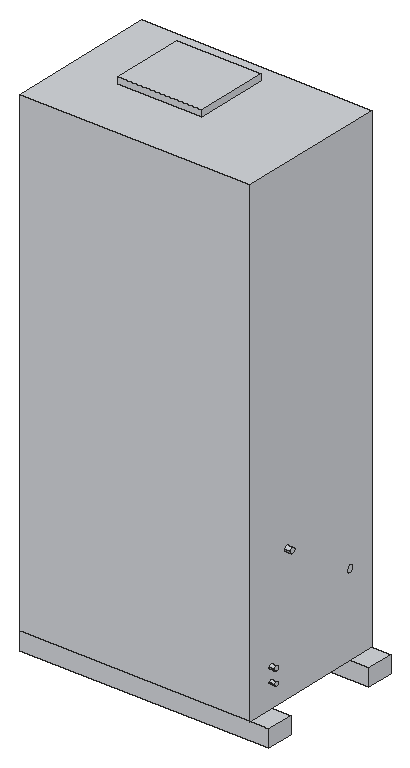
Revit family "855a92e616df47f78ee50d532f1a94e8", category Mechanical Equipment, Revit 2021
Family settings
  Round Connector Dimension = Use Radius
  Part Type = Normal
  OmniClass Number = 23.75.10.24.21.27.11
  OmniClass Title = Packaged Air Conditioners
  Seek Item ID = Air Conditioner - Vertical Packaged - Air Cooled - 3-5 Tons-0000-USA-ENU
  Work Plane-Based = No
  Always vertical = Yes
  Cut with Voids When Loaded = No
  Shared = No
  Room Calculation Point = No
Parameters (values of type "5 Tons")
  Voltage = 460 V
  Outlet Radius = 5/16"
  Outlet Diameter = Outlet Radius * 2  # 5/8"
  Number of Poles = 3
  Material = none
  Load Classification = Cooling
  Inlet Radius = 1/4"
  Inlet Diameter = Inlet Radius * 2  # 1/2"
  Height 1 = 1' - 8 251/256"
  Duct Width = 13 77/256"
  Duct Height = 11 39/64"
  Drain Radius = 3/8"
  Drain Flow [instance] = 0 GPM
  Default Elevation = 0' - 0"
  Conditioner Width = 2' - 0 3/256"
  Conditioner Length = 3' - 0 105/256"
  Conditioner Height = 6' - 3 251/256"
  C5 Offset 2 = 0' - 7 13/128"
  C5 Offset 1 = 2' - 0 51/256"
  C3 Offset 1 = 0' - 7 187/256"
  C4 Offset 2 = 1' - 1 5/256"
  C4 Offset 1 = 0' - 4 45/128"
  C2 Offset 2 = 0' - 2 41/256"
  C1 Offset 2 = 0' - 3 241/256"
  C1 Offset 1 = 0' - 3 241/256"
  Apparent Load = 6000 VA
  Air Flow [instance] = 2000 CFM
Types (3): name | Height 1 | Duct Width | Duct Height | Conditioner Width | Conditioner Length | Conditioner Height | C5 Offset 2 | C5 Offset 1 | C3 Offset 1 | C4 Offset 2 | Air Flow
  (no name) | 1' - 8 251/256" | 13 77/256" | 11 39/64" | 2' - 0 3/256" | 3' - 0 105/256" | 6' - 3 251/256" | 0' - 7 13/128" | 2' - 0 51/256" | 0' - 7 187/256" | 1' - 1 5/256" | 2000 CFM
  3 Tons | 1' - 3 77/128" | 11 119/128" | 10 161/256" | 1' - 10 61/256" | 2' - 7 57/64" | 5' - 4 11/64" | 0' - 6 9/32" | 1' - 8 51/256" | 0' - 5 83/128" | 0' - 10 69/256" | 1200 CFM
  5 Tons | 1' - 8 251/256" | 13 77/256" | 11 39/64" | 2' - 0 3/256" | 3' - 0 105/256" | 6' - 3 251/256" | 0' - 7 13/128" | 2' - 0 51/256" | 0' - 7 187/256" | 1' - 1 5/256" | 2000 CFM
Reference planes (in)
  plane 1 "Center (Front/Back)": y = 0
  plane 2: z = 0
  plane 3 "Center (Left/Right)": x = 0
  plane 4: y = 24.01172
  plane 5: x = 36.41016
  plane 6: z = 78.74047
  plane 7: z = 2.76
  plane 8: z = 40.75023
  plane 9: z = 51.24047
  plane 10: x = 2
  plane 11: x = 34.41016
  plane 12: y = 19.71172
  plane 13: y = 4.3
  plane 14: x = 39.41016
  plane 15: y = 3.94141
  plane 16: z = 8.86156
  plane 17: z = 6.70141
  plane 18: y = 19.66016
  plane 19: z = 15.77953
  plane 20: x = 37.41016
  plane 21: x = 35.41016
  plane 22: x = -1
  plane 23: x = 7.73047
  plane 24: y = 21.34172
  plane 25: y = 9.73234
  plane 26: x = 21.03125
  plane 27: z = 24.19922
  plane 28: y = 7.10156
Forms (in)
  Extrusion 1, solid, material <- "Material"
    sketch origin (0, 0, 0) x (1, 0, 0) y (0, 1, 0)
      loop
        line (0, 24.01172) -> (0, 0) -> (36.41016, 0) -> (36.41016, 24.01172) -> (0, 24.01172)
    from 2.76 to 78.74047
  Extrusion 2, solid, material <- "Material"
    sketch origin (0, 0, 0) x (1, 0, 0) y (0, 1, 0)
      loop
        line (0, 24.01172) -> (0, 19.71172) -> (39.41016, 19.71172) -> (39.41016, 24.01172) -> (0, 24.01172)
    from 0 to 2.76
  Extrusion 3, solid, material <- "Material"
    sketch origin (0, 0, 0) x (1, 0, 0) y (0, 1, 0)
      loop
        line (0, 4.3) -> (0, 0) -> (39.41016, 0) -> (39.41016, 4.3) -> (0, 4.3)
    from 0 to 2.76
  Extrusion 4, solid, material <- "Material"
    sketch origin (0, 0, 0) x (0, 1, 0) y (0, 0, 1)
      loop
        circle (3.94141, 8.86156) r 0.3125
    from 36.41016 to 37.41016
  Extrusion 5, solid, material <- "Material"
    sketch origin (0, 0, 0) x (0, 1, 0) y (0, 0, 1)
      loop
        circle (3.94141, 6.70141) r 0.25
    from 36.41016 to 37.41016
  Extrusion 6, solid, material <- "Material"
    sketch origin (0, 0, 0) x (0, 1, 0) y (0, 0, 1)
      loop
        circle (19.66016, 15.77953) r 0.5
    from 35.41016 to 36.41016
  Extrusion 7, solid
    sketch origin (0, 0, 0) x (1, 0, 0) y (0, 1, 0)
      loop
        line (7.73047, 21.34172) -> (7.73047, 9.73234) -> (21.03125, 9.73234) -> (21.03125, 21.34172) -> (7.73047, 21.34172)
    from 78.74047 to 79.74047
  Extrusion 8, solid
    sketch origin (0, 0, 0) x (0, 1, 0) y (0, 0, 1)
      loop
        circle (7.10156, 24.19922) r 0.375
    from 36.41016 to 37.41016
Lines and regions (in)
  model lines, detail levels fine
    curve 1: line (2, 0, 51.24047) -> (34.41016, 0, 51.24047)
    curve 2: line (2, 0, 30.26) -> (2, 0, 51.24047)
    curve 3: line (34.41016, 0, 30.26) -> (2, 0, 30.26)
    curve 4: line (34.41016, 0, 51.24047) -> (34.41016, 0, 30.26)
    curve 5: line (2, 0, 40.75023) -> (34.41016, 0, 40.75023)
    curve 6: line (2, 0, 47.74372) -> (34.41016, 0, 47.74372)
    curve 7: line (2, 0, 37.25349) -> (34.41016, 0, 37.25349)
    curve 8: line (2, 0, 33.75674) -> (34.41016, 0, 33.75674)
    curve 9: line (2, 0, 44.24698) -> (34.41016, 0, 44.24698)
Dimensions and locks (in)
  "Conditioner Length": plane 3 "Center (Left/Right)" to plane 5
  "Conditioner Width": plane 4 to plane 1 "Center (Front/Back)"
  locked: plane 7 to plane 2 at 2.76
  "Conditioner Height": plane 6 to plane 7
  equal spacing: plane 6, plane 8, plane 7
  plane 9 to plane 8 = 0' - 10.49023"
  locked: plane 10 to plane 3 "Center (Left/Right)" at 2
  locked: plane 5 to plane 11 at 2
  locked: plane 4 to plane 12 at 4.3
  locked: plane 13 to plane 1 "Center (Front/Back)" at 4.3
  locked: plane 5 to plane 14 at 3
  "C1 Offset 1": plane 1 "Center (Front/Back)" to plane 15
  "C1 Offset 2": plane 17 to plane 7
  "C2 Offset 2": plane 16 to plane 17
  "C4 Offset 1": plane 18 to plane 4
  "C4 Offset 2": plane 19 to plane 7
  locked: plane 20 to plane 5 at 1
  locked: plane 5 to plane 21 at 1
  locked: plane 3 "Center (Left/Right)" to plane 22 at 1
  equal spacing: curve 1, curve 6, curve 9, curve 5, curve 7, curve 8, curve 3
  "C3 Offset 1": plane 3 "Center (Left/Right)" to plane 23
  locked: plane 4 to plane 24 at 2.67
  "Duct Width": plane 23 to plane 26
  "Duct Height": plane 24 to plane 25
  locked: Extrusion 7 to Extrusion 7 at 1
  "C5 Offset 2": plane 28 to plane 1 "Center (Front/Back)"
  "C5 Offset 1": plane 27 to plane 2
  "Outlet Radius": radius of Extrusion 4 sketch curve
  "Inlet Radius": radius of Extrusion 5 sketch curve
  radius of Extrusion 6 sketch curve = 0' - 0 1/2"
  "Drain Radius": radius of Extrusion 8 sketch curve
  aligned and locked: Extrusion 1 to plane 3 "Center (Left/Right)"
  aligned and locked: plane 4 to Extrusion 1
  aligned and locked: plane 5 to Extrusion 1
  aligned and locked: plane 1 "Center (Front/Back)" to Extrusion 1
  aligned and locked: plane 6 to Extrusion 1
  aligned and locked: Extrusion 1 to plane 7
  aligned and locked: plane 10 to curve 1
  aligned and locked: curve 1 to plane 9
  aligned and locked: curve 4 to plane 11
  aligned and locked: Extrusion 2 to plane 12
  aligned and locked: plane 13 to Extrusion 3
  aligned and locked: plane 4 to Extrusion 2
  aligned and locked: plane 1 "Center (Front/Back)" to Extrusion 3
  aligned and locked: plane 14 to Extrusion 2
  aligned and locked: Extrusion 3 to plane 14
  aligned and locked: Extrusion 2 to plane 3 "Center (Left/Right)"
  aligned and locked: Extrusion 3 to plane 3 "Center (Left/Right)"
  aligned and locked: Extrusion 3 to plane 2
  aligned and locked: Extrusion 2 to plane 2
  aligned and locked: plane 7 to Extrusion 3
  aligned and locked: plane 7 to Extrusion 2
  aligned and locked: plane 16 to Extrusion 4 sketch curve
  aligned and locked: plane 15 to Extrusion 4 sketch curve
  aligned and locked: plane 15 to Extrusion 5 sketch curve
  aligned and locked: plane 17 to Extrusion 5 sketch curve
  aligned and locked: plane 18 to Extrusion 6 sketch curve
  aligned and locked: plane 19 to Extrusion 6 sketch curve
  aligned and locked: plane 20 to Extrusion 4
  aligned and locked: plane 20 to Extrusion 5
  aligned and locked: Extrusion 4 to plane 5
  aligned and locked: Extrusion 5 to plane 5
  aligned and locked: plane 21 to Extrusion 6
  aligned and locked: plane 5 to Extrusion 6
  aligned and locked: plane 10 to curve 6
  aligned and locked: plane 11 to curve 6
  aligned and locked: plane 23 to Extrusion 7 sketch curve
  aligned and locked: Extrusion 7 sketch curve to plane 24
  aligned and locked: plane 25 to Extrusion 7 sketch curve
  aligned and locked: Extrusion 7 sketch curve to plane 26
  aligned and locked: Extrusion 7 to Extrusion 1
  aligned and locked: plane 28 to Extrusion 8 sketch curve
  aligned and locked: plane 27 to Extrusion 8 sketch curve
  aligned and locked: Extrusion 8 to Extrusion 4
  aligned and locked: Extrusion 8 to Extrusion 1
Automatic sketch dimensions
  Extrusion 1 sketch curve to plane 1 "Center (Front/Back)" = 0' - 0"
  Extrusion 1 sketch curve to plane 3 "Center (Left/Right)" = 0' - 0"
  Extrusion 1 sketch curve to plane 5 = 0' - 0"
  Extrusion 1 sketch curve to plane 4 = 0' - 0"
  Extrusion 2 sketch curve to plane 3 "Center (Left/Right)" = 0' - 0"
  plane 5 to Extrusion 2 sketch curve = 0' - 3"
  Extrusion 2 sketch curve to plane 4 = 0' - 4.3"
  Extrusion 2 sketch curve to plane 4 = 0' - 0"
  Extrusion 3 sketch curve to plane 3 "Center (Left/Right)" = 0' - 0"
  Extrusion 3 sketch curve to plane 1 "Center (Front/Back)" = 0' - 0"
  plane 5 to Extrusion 3 sketch curve = 0' - 3"
  Extrusion 3 sketch curve to Extrusion 3 sketch curve = 0' - 4.3"
  curve 5 to plane 8 = 0' - 0"
Connectors (in)
  piping at (37.41016, 3.94141, 6.70141), diameter 0.5, driven by "Inlet Radius"
    settings: on Extrusion 5, index 1, connector inside diameter 1/2", connector length 0' - 0", flow factor 0, pipe flow 0 GPM, pressure drop 0.00 psi, fitting loss kfactor 0, connector angle 0.00°, fixture units 0, engagement length 0' - 0", angle of deflection 0.00°, flow configuration 1, flow direction 1, fitting loss method 0, system type 22, joint type 0, gender type 0, connector reference index -1, connector utility 0, adjustable connector no, is connector primary yes, connector description "Cryogen In"
  piping at (37.41016, 3.94141, 8.86156), diameter 0.625, driven by "Outlet Radius"
    settings: on Extrusion 4, index 2, connector inside diameter 5/8", connector length 0' - 0", flow factor 0, pipe flow 0 GPM, pressure drop 0.39 psi, fitting loss kfactor 0, connector angle 0.00°, fixture units 0, engagement length 0' - 0", angle of deflection 0.00°, flow configuration 1, flow direction 2, fitting loss method 0, system type 22, joint type 0, gender type 0, connector reference index -1, connector utility 0, adjustable connector no, is connector primary no, connector description "Cryogen Out"
  electrical at (36.41016, 19.66016, 15.77953), driven by "Apparent Load", driven by "Voltage", driven by "Number of Poles", driven by "Load Classification"
    settings: on Extrusion 6, index 5, voltage 460 V, apparent load 6000 VA, apparent load phase1 0 VA, apparent load phase2 0 VA, apparent load phase3 0 VA, power factor 0.8, load classification "Cooling", number of poles 3, system type 30, power factor state 1, is connector primary yes, connector utility no, sub classification motor no, connector description ""
  hvac at (14.38086, 15.53703, 79.74047), driven by "Air Flow", driven by "Duct Height", driven by "Duct Width"
    settings: on Extrusion 7, index 6, duct flow 2000 CFM, flow factor 0, pres drop 0.00 in-wg, loss coef 0, conn angle 0.00°, conn width 13 77/256", conn height 11 39/64", conn diameter 24", duct sys type 1, conn prof type 1, flow config 0, flow direction 2, loss method 0, conn ref index -1, conn util no, is conn primary yes, conn desc ""
  piping at (37.41016, 7.10156, 24.19922), diameter 0.75, driven by "Drain Flow", driven by "Drain Radius"
    settings: on Extrusion 8, index 7, connector inside diameter 3/4", connector length 0' - 0", flow factor 0, pipe flow 0 GPM, pressure drop 0.00 psi, fitting loss kfactor 0, connector angle 0.00°, fixture units 0, engagement length 0' - 0", angle of deflection 0.00°, flow configuration 1, flow direction 2, fitting loss method 0, system type 16, joint type 0, gender type 0, connector reference index -1, connector utility 0, adjustable connector yes, is connector primary no, connector description ""
